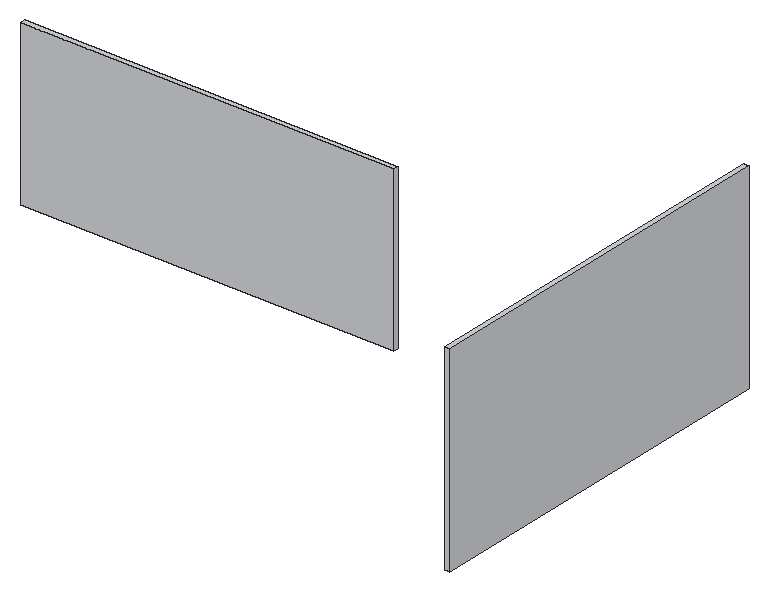
Revit family "EKF560E3 BIM position 3", category Mechanical Equipment, Revit 2013
Parameters (values of type "EKF560E3")
  Width = "850 mm"
  Weight = "132 kg"
  Warranty period = "Unit 2 years                                    Motor 5 years"
  Sub Type = "Lo-Carbon Kitchen Box Fan"
  Width (including handles) = "929 mm"
  Height (inclusing controller) = "1017 mm"
  Product Description = "Lo-Carbon Kitchen Box Fan"
  Part Number = "EKF560E3"
  Operating Temperature = "(-20C to +40C)"
  Maximum In-Duct Temperature = "120 Degrees C"
  Motor Rating = "2.58kW Max"
  Manufacturer - Website = "www.vent-axia.com"
  Manufacturer - Name = "Vent-Axia Ltd"
  Manufacturer - Email = "sales@vent-axia.com"
  Manufacturer - Contact Phone = "0844 856 0590"
  Manufacturer - Address = "Fleming Way, Crawley, West Sussex RH10 9YX"
  IP Rating = "IP54"
  Height = "850 mm"
  Length = "850 mm"
  Family = "In-Line Range"
  Country of Manufacture = "UK"
  Category = "Lo-Carbon Kitchen Box Fan"
  AC Voltage Input = "380-415V AC Three Phase"
  AC Frequency Input = "50 Hz"
Reference planes
  plane 1 "Center (Front/Back)": y = 0
  plane 2: z = 0
  plane 3 "Center (Left/Right)": x = 0
  plane 4: y = 464.5
  plane 5: y = -464.5
  plane 6: x = -425
  plane 7: x = 425
  plane 8: z = 508.5
  plane 9: z = -508.5
Forms (mm)
  Extrusion 1, solid, detail levels coarse+medium
    sketch origin (-1239.08, 268.949, -45.414) x (1, 0, 0) y (0, 1, 0)
      loop
        line (748.906, 275.954) -> (748.906, -849.574) -> (1723.743, -849.574) -> (1723.743, 275.954) -> (748.906, 275.954)
    from -528.48 to 592.522
  Extrusion 2, solid
    sketch origin (0, 0, 0) x (0, 1, 0) y (0, 0, 1)
      loop
        line (369.299, -45) -> (-360.701, -45) -> (-360.701, -435) -> (369.299, -435) -> (369.299, -45)
    from 417.646 to 425.646
  Extrusion 3, solid
    sketch origin (-10.993, 14.473, 0) x (-1, 0, 0) y (0, 0, 1)
      loop
        line (353.361, 275) -> (-376.639, 275) -> (-376.639, -43.5) -> (353.361, -43.5) -> (353.361, 275)
    from -435.174 to -425.174
Dimensions and locks
  plane 6 to plane 7 = 850 mm
  plane 5 to plane 4 = 929 mm
Connectors
  hvac at (417.646, 4.299, -240)
    settings: on import instance, index 1, duct flow 0.0 L/s, flow factor 0, pres drop 0.0 Pa, loss coef 0, conn angle 0.00°, conn width 730 mm, conn height 390 mm, conn radius 304.8 mm, duct sys type 2, conn prof type 1, flow config 0, flow direction 1, loss method 0, conn ref index -1, conn util no, is conn primary yes, conn desc ""
  hvac at (0.646, -410.701, 115.75)
    settings: on import instance, index 2, duct flow 0.0 L/s, flow factor 0, pres drop 0.0 Pa, loss coef 0, conn angle 0.00°, conn width 730 mm, conn height 319 mm, conn radius 304.8 mm, duct sys type 2, conn prof type 1, flow config 0, flow direction 2, loss method 0, conn ref index -1, conn util no, is conn primary no, conn desc ""
